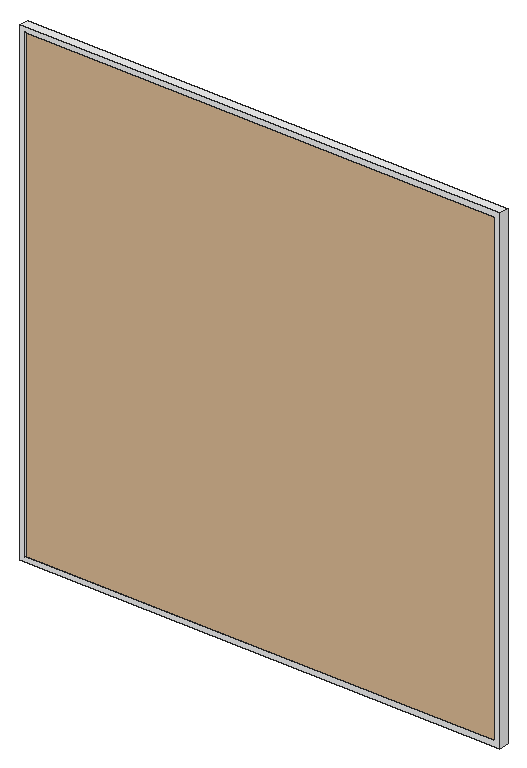
Revit family
Parameters
  Width = 800 mm
  Offset = 10 mm
  Mounting Height = 1200 mm
  Material Framing = Metal - Aluminium
  Material Board = Finishes - PinBoard
  Height = 800 mm
  Board Thickness = 12 mm
Reference planes
  plane 1 "Center (Front/Back)": y = 0
  plane 2: z = 0
  plane 3 "Center (Left/Right)": x = 5.512
  plane 4: x = -394.488
  plane 5: x = 405.512
  plane 6: y = 10
  plane 7: z = 1200
  plane 8: z = 2000
Forms (mm)
  Extrusion 1, solid, material "Finishes - PinBoard" <- "Material Board"
    sketch origin (0, 10, 0) x (1, 0, 0) y (0, 0, 1)
      loop
        line (-394.488, 1200) -> (405.512, 1200) -> (405.512, 2000) -> (-394.488, 2000) -> (-394.488, 1200)
    from 0 to -12
  Sweep 2, solid, material "Metal - Aluminium" <- "Material Framing"
    path origin (0, 10, 0) x (1, 0, 0) y (0, 0, 1)
      loop
        line (-394.488, 1200) -> (405.512, 1200) -> (405.512, 2000) -> (-394.488, 2000) -> (-394.488, 1200)
    profile origin (5.512, 10, 1200) x (0, 0, 1) y (0, -1, 0)
      loop
        line (0, 0) -> (6, 0) -> (6, 2) -> (-2, 2) -> (-2, -14) -> (6, -14) -> (6, -12) -> (0, -12) -> (0, 0)
Dimensions and locks
  equal spacing: plane 4, plane 3 "Center (Left/Right)", plane 5
  "Width": plane 4 to plane 5
  "Offset": plane 1 "Center (Front/Back)" to plane 6
  "Mounting Height": plane 7 to level
  "Height": plane 8 to plane 7
  "Board Thickness": plane 6 to Extrusion 1
  aligned and locked: Sweep 2 sketch curve to Extrusion 1
  aligned and locked: Extrusion 1 to Sweep 2 sketch curve
Automatic sketch dimensions
  Extrusion 1 sketch curve to plane 4 = 0 mm
  Extrusion 1 sketch curve to plane 5 = 0 mm
  Extrusion 1 sketch curve to plane 7 = 0 mm
  Extrusion 1 sketch curve to plane 8 = 0 mm
  Sweep 2 sketch curve to plane 4 = 0 mm
  Sweep 2 sketch curve to plane 5 = 0 mm
  Sweep 2 sketch curve to plane 7 = 0 mm
  Sweep 2 sketch curve to plane 8 = 0 mm
  Sweep 2 sketch curve to profile plane = 0 mm
  profile plane to Sweep 2 sketch curve = 2 mm
  Sweep 2 sketch curve to profile plane = 6 mm  (x2)
  plane 6 to Sweep 2 sketch curve = 2 mm
  Sweep 2 sketch curve to Sweep 2 sketch curve = 2 mm
